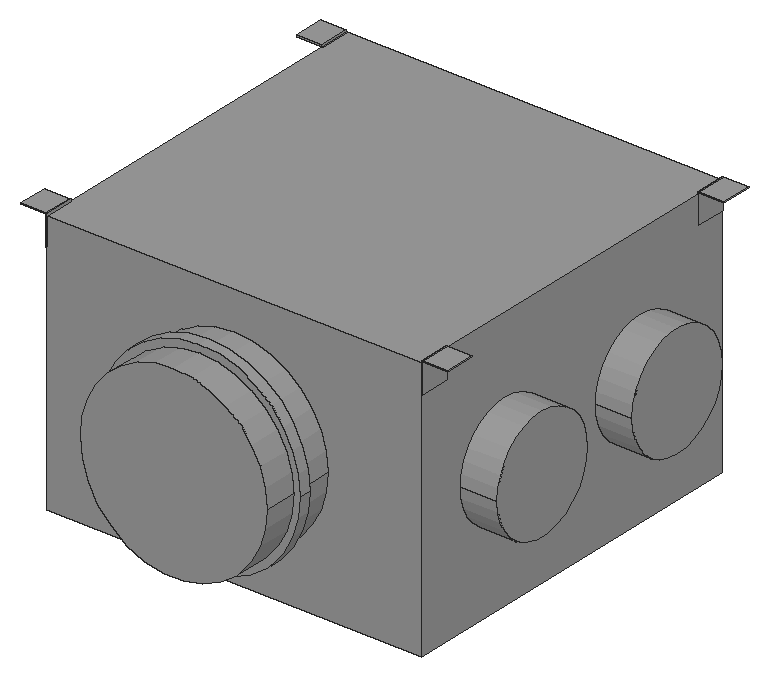
Revit family "FASU(F5-150 250Φ)", category ダクト付属品, Revit 2022
Family settings
  丸型コネクタ寸法 = 直径を使用
  パーツ タイプ = ダンパー
  OmniClass 番号 = 23.75.00.00
  OmniClass タイトル = Climate Control (HVAC)
  作業面ベース = いいえ
  常に垂直 = はい
  ロード時にボイドで切り取り = いいえ
  共有 = いいえ
Parameters
  高さ = 350 mm
  風量 [instance] = 0.0 L/s
  符号 = "FASU"
  形式 = "F5-150 250φ"
  幅 [instance] = 500 mm
  奥行き = 500 mm
  大きさ = 250 mm
  呼称 = "FASUチャンバー"
  付属品_下端レベル [instance] = 0 mm
  マテリアル [instance] = 既定値
  ダクト_イン = 250 mm
  ダクト_アウト = 150 mm
  既定の高さ = 0 mm
Reference planes
  plane 1 "中心(正面/背面)": y = 0
  plane 2: z = 0
  plane 3 "中心(左/右)": x = 0
  plane 4: x = -250
  plane 5: x = 250
  plane 6: y = -500
  plane 7: z = 350
  plane 8: z = 175
  plane 9: z = 266.963
  plane 10: z = 86.159
  plane 11: x = -125
  plane 12: x = 125
  plane 13: x = -135
  plane 14: x = 135
  plane 15: x = -251
  plane 16: z = 313.122
  plane 17: z = 352.122
  plane 18: y = -250
Forms (mm)
  Extrusion 1, solid, material "既定値" <- "マテリアル"
    sketch origin (0, 0, 0) x (1, 0, 0) y (0, 1, 0)
      loop
        line (-250, 0) -> (-250, -500) -> (250, -500) -> (250, 0) -> (-250, 0)
    from 0 to 350
  Extrusion 2, solid, material "既定値" <- "マテリアル"
    sketch origin (0, -30, 0) x (1, 0, 0) y (0, 0, 1)
      loop
        circle (0, 175) r 125
    from 470 to 512.5
  Extrusion 3, solid, material "既定値" <- "マテリアル"
    sketch origin (0, -30, 0) x (1, 0, 0) y (0, 0, 1)
      loop
        circle (0, 175) r 135
    from 512.5 to 527.5
  Extrusion 4, solid, material "既定値" <- "マテリアル"
    sketch origin (0, -117.5, 0) x (1, 0, 0) y (0, 0, 1)
      loop
        circle (0, 175) r 125
    from 440 to 482.5
  Extrusion 5, solid, material "既定値" <- "マテリアル"
    sketch origin (0, -30, 0) x (0, 1, 0) y (0, 0, 1)
      loop
        circle (-332.5, 175) r 74.985
    from -300 to -250
  Extrusion 6, solid, material "既定値" <- "マテリアル"
    sketch origin (550, -30, 0) x (0, 1, 0) y (0, 0, 1)
      loop
        circle (-332.5, 175) r 74.985
    from -300 to -250
  Extrusion 7, solid, material "既定値" <- "マテリアル"
    sketch origin (0, -30, 0) x (1, 0, 0) y (0, 1, 0)
      loop
        line (-250, 30) -> (-251, 30) -> (-251, -10) -> (-250, -10) -> (-250, 30)
    from 313.122 to 350
  Extrusion 8, solid, material "既定値" <- "マテリアル"
    sketch origin (0, -30, 0) x (1, 0, 0) y (0, 1, 0)
      loop
        line (-285, 30) -> (-285, -10) -> (-251, -10) -> (-251, 30) -> (-285, 30)
    from 352.122 to 350
  Extrusion 9, solid, material "既定値" <- "マテリアル"
    sketch origin (0, -30, 0) x (-1, 0, 0) y (0, -1, 0)
      loop
        line (-250, -30) -> (-250, 10) -> (-251, 10) -> (-251, -30) -> (-250, -30)
    from 313.122 to 353.122
  Extrusion 10, solid, material "既定値" <- "マテリアル"
    sketch origin (0, -30, 0) x (-1, 0, 0) y (0, -1, 0)
      loop
        line (-285, -30) -> (-251, -30) -> (-251, 10) -> (-285, 10) -> (-285, -30)
    from 352.122 to 353.122
  Extrusion 11, solid, material "既定値" <- "マテリアル"
    sketch origin (0, -490, 0) x (1, 0, 0) y (0, 1, 0)
      loop
        line (-285, 30) -> (-285, -10) -> (-251, -10) -> (-251, 30) -> (-285, 30)
    from 352.122 to 353.122
  Extrusion 12, solid, material "既定値" <- "マテリアル"
    sketch origin (0, -490, 0) x (1, 0, 0) y (0, 1, 0)
      loop
        line (-250, 30) -> (-251, 30) -> (-251, -10) -> (-250, -10) -> (-250, 30)
    from 313.122 to 353.122
  Extrusion 13, solid, material "既定値" <- "マテリアル"
    sketch origin (0, -490, 0) x (-1, 0, 0) y (0, -1, 0)
      loop
        line (-285, -30) -> (-251, -30) -> (-251, 10) -> (-285, 10) -> (-285, -30)
    from 352.122 to 353.122
  Extrusion 14, solid, material "既定値" <- "マテリアル"
    sketch origin (0, -490, 0) x (-1, 0, 0) y (0, -1, 0)
      loop
        line (-250, -30) -> (-250, 10) -> (-251, 10) -> (-251, -30) -> (-250, -30)
    from 313.122 to 353.122
  Extrusion 15, solid, material "既定値" <- "マテリアル"
    sketch origin (-332.5, 300, 0) x (-1, 0, 0) y (0, 0, 1)
      loop
        circle (-332.5, 175) r 74.985
    from -300 to -250
  Extrusion 16, solid, material "既定値" <- "マテリアル"
    sketch origin (550, -470, 0) x (0, -1, 0) y (0, 0, -1)
      loop
        circle (-332.5, -175) r 74.985
    from -300 to -250
  Extrusion 17, solid, material "既定値" <- "マテリアル"
    sketch origin (-550, -470, 0) x (0, -1, 0) y (0, 0, 1)
      loop
        circle (-332.5, 175) r 74.985
    from -300 to -250
Lines and regions (mm)
  model lines
    curve 1: line (-250, -30, 0) -> (250, -30, 0)
    curve 2: line (-250, -470, 0) -> (250, -470, 0)
Text (mm)
  text "FASU(F5-150 250Φ)" at (120.822, -450.782, 0), in view "参照レベル"
Dimensions and locks
  equal spacing: plane 4, plane 3 "中心(左/右)", plane 5
  "幅": plane 4 to plane 5
  "奥行き": plane 6 to plane 1 "中心(正面/背面)"
  "高さ": plane 7 to level
  equal spacing: plane 7, plane 8, level
  equal spacing: plane 6, plane 18, plane 1 "中心(正面/背面)"
  aligned and locked: level to plane 2
  aligned and locked: Extrusion 1 sketch curve to plane 5
  aligned and locked: plane 7 to Extrusion 1
  aligned and locked: plane 4 to Extrusion 5
  aligned and locked: Extrusion 6 to plane 5
  aligned and locked: Extrusion 7 sketch curve to Extrusion 1
  aligned and locked: plane 7 to Extrusion 7
  aligned and locked: Extrusion 8 sketch curve to Extrusion 7
  aligned and locked: Extrusion 7 to Extrusion 8 sketch curve
  aligned and locked: plane 7 to Extrusion 8
  aligned and locked: Extrusion 8 to plane 17
  aligned and locked: Extrusion 9 to Extrusion 10 sketch curve
  aligned and locked: Extrusion 10 sketch curve to Extrusion 9
  aligned and locked: Extrusion 3 to Extrusion 4
  aligned and locked: Extrusion 3 to Extrusion 2
  aligned and locked: Extrusion 1 to Extrusion 13
  aligned and locked: Extrusion 11 to Extrusion 1
  aligned and locked: Extrusion 12 to Extrusion 1
  aligned and locked: Extrusion 1 to Extrusion 14
  aligned and locked: Extrusion 14 to Extrusion 13
  aligned and locked: Extrusion 12 to Extrusion 11
  aligned and locked: plane 4 to Extrusion 12
  aligned and locked: Extrusion 14 to plane 5
  aligned and locked: plane 4 to curve 1
  aligned and locked: plane 5 to curve 1
  aligned and locked: plane 5 to curve 2
  aligned and locked: plane 4 to curve 2
  aligned and locked: Extrusion 1 to Extrusion 8
  aligned and locked: Extrusion 10 to Extrusion 1
  aligned and locked: Extrusion 9 to plane 5
  aligned and locked: Extrusion 15 to Extrusion 1
  aligned and locked: Extrusion 1 to plane 6
  aligned and locked: Extrusion 1 to plane 1 "中心(正面/背面)"
  aligned and locked: plane 6 to Extrusion 2
  aligned and locked: Extrusion 16 to plane 5
  aligned and locked: plane 4 to Extrusion 17
Automatic sketch dimensions
  plane 6 to curve 2 = 30 mm
  plane 1 "中心(正面/背面)" to curve 1 = 30 mm
  Extrusion 1 sketch curve to plane 4 = 0 mm
  Extrusion 1 sketch curve to plane 6 = 0 mm
  plane 1 "中心(正面/背面)" to Extrusion 1 sketch curve = 0 mm
  Extrusion 2 sketch curve to plane 3 "中心(左/右)" = 0 mm
  Extrusion 2 sketch curve to plane 8 = 0 mm
  Extrusion 3 sketch curve to plane 3 "中心(左/右)" = 0 mm
  Extrusion 3 sketch curve to plane 8 = 0 mm
  Extrusion 4 sketch curve to plane 3 "中心(左/右)" = 0 mm
  Extrusion 4 sketch curve to plane 8 = 0 mm
  Extrusion 5 sketch curve to plane 8 = 0 mm
  Extrusion 6 sketch curve to plane 8 = 0 mm
  plane 1 "中心(正面/背面)" to Extrusion 7 sketch curve = 0 mm
  Extrusion 7 sketch curve to plane 15 = 0 mm
  Extrusion 7 sketch curve to Extrusion 7 sketch curve = 40 mm
  plane 1 "中心(正面/背面)" to Extrusion 8 sketch curve = 0 mm
  Extrusion 8 sketch curve to Extrusion 8 sketch curve = 34 mm
  plane 1 "中心(正面/背面)" to Extrusion 9 sketch curve = 0 mm
  Extrusion 9 sketch curve to plane 5 = 0 mm
  Extrusion 9 sketch curve to Extrusion 9 sketch curve = 1 mm
  Extrusion 9 sketch curve to Extrusion 9 sketch curve = 40 mm
  plane 1 "中心(正面/背面)" to Extrusion 10 sketch curve = 0 mm
  Extrusion 10 sketch curve to Extrusion 10 sketch curve = 34 mm
  Extrusion 11 sketch curve to plane 6 = 0 mm
  Extrusion 11 sketch curve to plane 15 = 0 mm
  Extrusion 11 sketch curve to Extrusion 11 sketch curve = 34 mm
  Extrusion 12 sketch curve to plane 15 = 0 mm
  Extrusion 12 sketch curve to plane 4 = 0 mm
  Extrusion 12 sketch curve to plane 6 = 0 mm
  Extrusion 13 sketch curve to plane 6 = 0 mm
  Extrusion 13 sketch curve to plane 5 = 35 mm
  Extrusion 13 sketch curve to plane 5 = 1 mm
  Extrusion 14 sketch curve to plane 6 = 0 mm
  Extrusion 14 sketch curve to plane 5 = 0 mm
  Extrusion 14 sketch curve to Extrusion 14 sketch curve = 1 mm
  Extrusion 15 sketch curve to plane 3 "中心(左/右)" = 0 mm
  Extrusion 15 sketch curve to plane 8 = 0 mm
  Extrusion 16 sketch curve to plane 8 = 0 mm
  plane 18 to Extrusion 16 sketch curve = 112.5 mm
  Extrusion 17 sketch curve to plane 8 = 0 mm
  plane 18 to Extrusion 17 sketch curve = 112.5 mm
  Extrusion 5 sketch curve to plane 18 = 112.5 mm
  Extrusion 6 sketch curve to plane 18 = 112.5 mm
  plane 6 to Extrusion 11 sketch curve = 40 mm
  plane 6 to Extrusion 12 sketch curve = 40 mm
  Extrusion 13 sketch curve to plane 6 = 40 mm
  Extrusion 14 sketch curve to plane 6 = 40 mm
  radius of Extrusion 2 sketch curve = 125 mm
  radius of Extrusion 3 sketch curve = 135 mm
  radius of Extrusion 4 sketch curve = 125 mm
  radius of Extrusion 5 sketch curve = 74.985 mm
  radius of Extrusion 6 sketch curve = 74.985 mm
  radius of Extrusion 15 sketch curve = 74.985 mm
  radius of Extrusion 16 sketch curve = 74.985 mm
  radius of Extrusion 17 sketch curve = 74.985 mm
Connectors
  hvac at (300, -362.5, 175), driven by "ダクト_アウト"
    settings: on Extrusion 6, index 11, duct flow 0.0 L/s, flow factor 0, pres drop 0.0 Pa, loss coef 0, conn angle 0.00°, conn width 304.8 mm, conn height 304.8 mm, conn diameter 150 mm, duct sys type 29, conn prof type 0, flow config 0, flow direction 2, loss method 0, conn ref index -1, conn util no, is conn primary yes, conn desc ""
  hvac at (-300, -362.5, 175), driven by "ダクト_アウト"
    settings: on Extrusion 5, index 12, duct flow 0.0 L/s, flow factor 0, pres drop 0.0 Pa, loss coef 0, conn angle 0.00°, conn width 304.8 mm, conn height 304.8 mm, conn diameter 150 mm, duct sys type 29, conn prof type 0, flow config 0, flow direction 0, loss method 0, conn ref index -1, conn util no, is conn primary no, conn desc ""
  hvac at (-300, -137.5, 175), driven by "ダクト_アウト"
    settings: on Extrusion 17, index 13, duct flow 0.0 L/s, flow factor 0, pres drop 0.0 Pa, loss coef 0, conn angle 0.00°, conn width 304.8 mm, conn height 304.8 mm, conn diameter 150 mm, duct sys type 29, conn prof type 0, flow config 0, flow direction 0, loss method 0, conn ref index -1, conn util no, is conn primary no, conn desc ""
  hvac at (0, 50, 175), driven by "ダクト_アウト"
    settings: on Extrusion 15, index 14, duct flow 0.0 L/s, flow factor 0, pres drop 0.0 Pa, loss coef 0, conn angle 0.00°, conn width 304.8 mm, conn height 304.8 mm, conn diameter 150 mm, duct sys type 29, conn prof type 0, flow config 0, flow direction 0, loss method 0, conn ref index -1, conn util no, is conn primary no, conn desc ""
  hvac at (300, -137.5, 175), driven by "ダクト_アウト"
    settings: on Extrusion 16, index 15, duct flow 0.0 L/s, flow factor 0, pres drop 0.0 Pa, loss coef 0, conn angle 0.00°, conn width 304.8 mm, conn height 304.8 mm, conn diameter 150 mm, duct sys type 29, conn prof type 0, flow config 0, flow direction 0, loss method 0, conn ref index -1, conn util no, is conn primary no, conn desc ""
  hvac at (0, -600, 175), driven by "ダクト_イン"
    settings: on Extrusion 4, index 16, duct flow 0.0 L/s, flow factor 0, pres drop 0.0 Pa, loss coef 0, conn angle 0.00°, conn width 304.8 mm, conn height 304.8 mm, conn diameter 250 mm, duct sys type 29, conn prof type 0, flow config 0, flow direction 1, loss method 0, conn ref index -1, conn util no, is conn primary no, conn desc ""
